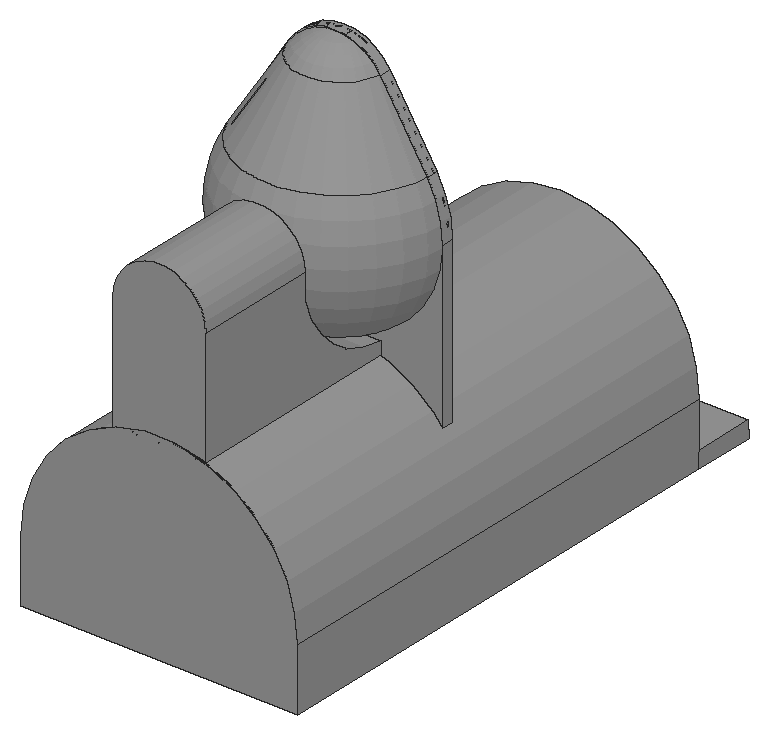
Revit family "Combination-Willoughby-ECW-1806-C-ON", category Plumbing Fixtures, Revit 2015
Parameters (values of type "Standard")
  Waste DIA = 2 3/8"
  Waste Connection = yes
  W-RAD [instance] = Waste DIA / 2  # 0' - 1 3/16"
  Vent Connection = no
  URL = "https://www.willoughby-ind.com/wp-content/uploads/2017/12/1806.pdf"
  Revision = "A"
  Model = "ECF-1806-C-ON"
  Manufacturer = "Willoughby Industries"
  Lav Waste DIA = 1 1/2"
  Lav Waste Connection = yes
  L-RAD [instance] = Lav Waste DIA / 2  # 0' - 0 3/4"
  HW Connection = no
  Flush inlet DIA = 1 1/2"
  Flush Inlet Connection = yes
  Fixture Body = Stainless Steel AISI 304-Willoughby
  F-RAD [instance] = Flush inlet DIA / 2  # 0' - 0 3/4"
  Description = "1806 Combination Unit, Wall toilet waste outlet, Center toilet, On Floor mounted, 1.28 GPM"
  Default Elevation = 0' - 0"
  Contact Number = "(800) 428-4065"
  CW Connection = no
Reference planes (in)
  plane 1 "Center (Front/Back)": y = -16.25
  plane 2: z = 0
  plane 3 "Center (Left/Right)": x = 0
  plane 4 "Base": y = -16.25
  plane 5 "Rim hight": y = -1.5
  plane 6 "Seat height": y = -1.25
  plane 7: y = 20.25
  plane 8 "Waste offset": x = 0
  plane 9 "Waste Hieght": y = -4.75
  plane 10 "Lwaste ht": y = 8
  plane 11 "flush inlet HT": y = 4.25
  plane 12 "Left Sweep": through (12.20051, 0, 16.45051) normal (0.7071, 0, -0.7071)
  plane 13 "Right Sweep": through (-12.20051, 0, 16.45051) normal (0.7071, 0, 0.7071)
  plane 14: through (-55.90549, 0, 60.15549) normal (-0.7071, 0, -0.7071)
  plane 15: x = 6.375
  plane 16: x = 9
  plane 17: z = 4.25
Forms (in)
  Extrusion 1, solid, material "Stainless Steel AISI 304-Willoughby" <- "Fixture Body"
    sketch origin (0, 10.5, -0.375) x (1, 0, 0) y (0, 0, 1)
      loop
        line (6.0079, 24.25317) -> (2.96593, 29.1083)
        arc (2.96593, 29.1083) -> (0, 30.75) -> (-2.96593, 29.1083) r 3.5
        line (-2.96593, 29.1083) -> (-6.0079, 24.25317)
        arc (-6.0079, 24.25317) -> (-6.74742, 22.52422) -> (-7, 20.6608) r 7
        line (-7, 20.6608) -> (-7, 10.11119)
        arc (-7, 10.11119) -> (0.01742, 13.41876) -> (7, 10.03826) r 8.99862
        line (7, 10.03826) -> (7, 20.6608)
        arc (7, 20.6608) -> (6.74742, 22.52422) -> (6.0079, 24.25317) r 7
      loop
        line (4.24214, 22.50332) -> (1.839, 28.03617)
        arc (1.839, 28.03617) -> (0, 29.25) -> (-1.839, 28.03617) r 2
        line (-1.839, 28.03617) -> (-4.24214, 22.50332)
        arc (-4.24214, 22.50332) -> (0, 16.0358) -> (4.24214, 22.50332) r 4.625
    from 11.75 to 12.5
  Revolve 2, solid, material "Stainless Steel AISI 304-Willoughby" <- "Fixture Body"
    sketch origin (0, -1.5, -0.375) x (1, 0, 0) y (0, 0, 1)
      loop
        arc (0, 13.6608) -> (6.08879, 17.20729) -> (6.0079, 24.25317) r 7
        line (6.0079, 24.25317) -> (2.96593, 29.1083)
        arc (2.96593, 29.1083) -> (1.69499, 30.31219) -> (0, 30.75) r 3.5
        line (0, 30.75) -> (0, 30.5)
        arc (0, 30.5) -> (1.57353, 30.09368) -> (2.75361, 28.97631) r 3.25
        line (2.75361, 28.97631) -> (5.71903, 24.24621)
        arc (5.71903, 24.24621) -> (5.9061, 17.39269) -> (0, 13.9108) r 6.75
        line (0, 13.9108) -> (0, 13.6608)
      axis (0, 13.6608) -> (0, 30.75)
    angle from 0 to -180
  Extrusion 3, solid, material "Stainless Steel AISI 304-Willoughby" <- "Fixture Body"
    sketch origin (0, -16.25, 0) x (1, 0, 0) y (0, 0, 1)
      loop
        line (9, 0) -> (9, 1.0625) -> (-9, 1.0625) -> (-9, 0) -> (9, 0)
    from -36.5 to -32.5
  Extrusion 4, solid, material "Stainless Steel AISI 304-Willoughby" <- "Fixture Body", detail levels fine
    sketch origin (0, 0, 0) x (1, 0, 0) y (0, 1, 0)
      loop
        circle (6.375, 4.25) r 0.75
    from 0 to 1
  Extrusion 5, solid, material "Stainless Steel AISI 304-Willoughby" <- "Fixture Body"
    sketch origin (-77.55739, -16.25, -24.30859) x (1, 0, 0) y (0, 0, 1)
      loop
        line (86.55739, 24.30859) -> (86.55739, 28.33218)
        arc (86.55739, 28.33218) -> (77.55739, 37.33218) -> (68.55739, 28.33218) r 9
        line (68.55739, 28.33218) -> (68.55739, 24.30859) -> (86.55739, 24.30859)
    from -32.5 to 0
  Revolve 6, void
    sketch origin (-0.04219, 16.25, -0.04963) x (1, 0, 0) y (0, 0, 1)
      loop
        spline (6.44903, 7.42683) -> (6.2318, 8.59152) -> (5.59494, 9.67683) -> (4.58183, 10.60881) -> (3.26153, 11.32395) -> (1.724, 11.7735) -> (0.07403, 11.92683) -> (-1.57595, 11.7735) -> (-3.11347, 11.32395) -> (-4.43378, 10.60881) -> (-5.44689, 9.67683) -> (-6.08375, 8.59152) -> (-6.30097, 7.42683)
        line (-6.30097, 7.42683) -> (6.44903, 7.42683)
      axis (6.44903, 7.42683) -> (-6.30097, 7.42683)
    angle from 0 to -180
  Extrusion 7, solid, material "Stainless Steel AISI 304-Willoughby" <- "Fixture Body"
    sketch origin (-22.09287, -16.25, -29.80277) x (1, 0, 0) y (0, 0, 1)
      loop
        line (25.09287, 42.31164) -> (25.09287, 49.81164)
        arc (25.09287, 49.81164) -> (22.09287, 52.81164) -> (19.09287, 49.81164) r 3
        line (19.09287, 49.81164) -> (19.09287, 42.31164) -> (25.09287, 42.31164)
    from 0 to -8.02482
  Extrusion 8, solid, material "Stainless Steel AISI 304-Willoughby" <- "Fixture Body"
    sketch origin (0, 0, -0.375) x (0, 1, 0) y (0, 0, 1)
      loop
        line (-8.22518, 12.88387) -> (-2, 12.88387) -> (-2, 13.71556)
        arc (-2, 13.71556) -> (-5.92416, 15.25184) -> (-8.22518, 18.78235) r 6.90673
        line (-8.22518, 18.78235) -> (-8.22518, 12.88387)
    from -3 to 3
  Revolve 9, solid
    sketch origin (0, 0, 0) x (0, 1, 0) y (0, 0, 1)
      loop
        line (8, 0) -> (8, -3) -> (8.75, -3) -> (8.75, 0) -> (8, 0)
      axis (8, 0) -> (8, -3)
    angle from 0 to -360
  Extrusion 10, solid
    sketch origin (0, 0, 0) x (1, 0, 0) y (0, 1, 0)
      loop
        circle (0, -4.75) r 1.1875
    from -3 to 1
Cuts and joins
  Revolve 6 cuts Extrusion 5
  joined: Extrusion 7, Extrusion 8
Lines and regions (in)
  model lines, detail levels coarse+medium
    curve 1: line (-9, -16.25, 4.02359) -> (-9, -16.25, 0)
    curve 2: line (-9, -16.25, 0) -> (9, -16.25, 0)
    curve 3: line (9, -16.25, 0) -> (9, -16.25, 4.02359)
  symbolic lines
    curve 4: line (-9, -16.25, 0) -> (9, -16.25, 0)
    curve 5: line (9, -16.25, 0) -> (9, -16.25, 1.0625)
    curve 6: line (9, -16.25, 1.0625) -> (9, -16.25, 4.02359)
    curve 7: arc (9, -16.25, 4.02359) -> (0, -16.25, 13.02359) -> (-9, -16.25, 4.02359) r 9
    curve 8: line (-9, -16.25, 4.02359) -> (-9, -16.25, 1.0625)
    curve 9: line (-9, -16.25, 1.0625) -> (-9, -16.25, 0)
    curve 14: line (-7, -16.25, 9.68045) -> (-7, -16.25, 20.2858)
    curve 15: line (7, -16.25, 9.68045) -> (7, -16.25, 20.2858)
    curve 16: arc (7, -16.25, 20.2858) -> (6.74742, -16.25, 22.14922) -> (6.0079, -16.25, 23.87817) r 7
    curve 17: line (6.0079, -16.25, 23.87817) -> (2.96593, -16.25, 28.7333)
    curve 18: arc (2.96593, -16.25, 28.7333) -> (1.69499, -16.25, 29.93719) -> (0, -16.25, 30.375) r 3.5
    curve 19: arc (0, -16.25, 30.375) -> (-1.69499, -16.25, 29.93719) -> (-2.96593, -16.25, 28.7333) r 3.5
    curve 20: line (-2.96593, -16.25, 28.7333) -> (-5.93085, -16.25, 24.004)
    curve 21: arc (-5.93085, -16.25, 24.004) -> (-6.7274, -16.25, 22.22023) -> (-7, -16.25, 20.2858) r 7
    curve 26: line (0, -16.25, 0) -> (0, 20.25, 0)
    curve 27: line (0, 20.25, 0) -> (0, 20.25, 1.0625)
    curve 28: line (0, 20.25, 1.0625) -> (0, 16.25, 1.0625)
    curve 29: line (0, 16.25, 1.0625) -> (0, 16.25, 13.02359)
    curve 30: line (0, 16.25, 13.02359) -> (0, -16.25, 13.02359)
    curve 31: line (0, -16.25, 13.02359) -> (0, -16.25, 0)
    curve 32: line (0, -2, 13.32164) -> (0, -2, 9.73619)
    curve 33: line (0, -2, 9.73619) -> (0, -1.25, 9.73619)
    curve 34: line (0, -1.25, 9.73619) -> (0, -1.25, 30.375)
    curve 35: line (0, -1.25, 30.375) -> (0, -2, 30.375)
    curve 36: arc (0, -2, 30.375) -> (0, -3.227, 29.90101) -> (0, -4.22155, 29.04016) r 3.83367
    curve 37: line (0, -4.22155, 29.04016) -> (0, -7.5079, 23.87817)
    curve 38: arc (0, -7.5079, 23.87817) -> (0, -8.00701, 22.85106) -> (0, -8.33921, 21.75848) r 7.27316
    curve 39: line (0, -8.33921, 21.75848) -> (0, -16.25, 21.75848)
    curve 40: line (0, -16.25, 21.75848) -> (0, -16.25, 13.02359)
    curve 41: arc (0, -2, 13.32164) -> (0, -6.49123, 15.35022) -> (0, -8.36184, 19.90951) r 6.66639
    curve 42: arc (0, -8.36184, 19.90951) -> (0, -8.39897, 20.83826) -> (0, -8.36184, 21.76701) r 11.63258
    curve 43: line (-9, -16.25, 0) -> (-9, 20.25, 0)
    curve 44: line (-9, 20.25, 0) -> (9, 20.25, 0)
    curve 45: line (9, 20.25, 0) -> (9, -16.25, 0)
    curve 46: line (9, -16.25, 0) -> (-9, -16.25, 0)
    curve 47: line (-9, 16.25, 0) -> (9, 16.25, 0)
    curve 48: line (-7, -2, 0) -> (-7, -1.25, 0)
    curve 49: line (-7, -1.25, 0) -> (7, -1.25, 0)
    curve 50: line (7, -1.25, 0) -> (7, -2, 0)
    curve 51: arc (7, -2, 0) -> (4.76927, -6.62493, 0) -> (0, -8.52761, 0) r 7.08346
    curve 52: arc (0, -8.52761, 0) -> (-4.76851, -6.62412, 0) -> (-7, -2, 0) r 7.08658
    curve 53: line (1.5, -8.35359, 0) -> (1.5, -16.25, 0)
    curve 54: line (-1.5, -16.25, 0) -> (-1.5, -8.35304, 0)
  symbolic lines, detail levels medium+fine
    curve 10: line (-9, -16.25, 1.0625) -> (9, -16.25, 1.0625)
  symbolic lines, detail levels fine
    curve 11: spline (6.40684, -16.25, 7.3772) -> (6.18962, -16.25, 6.21252) -> (5.55275, -16.25, 5.1272) -> (4.53965, -16.25, 4.19522) -> (3.21934, -16.25, 3.48009) -> (1.68181, -16.25, 3.03054) -> (0.03184, -16.25, 2.8772) -> (-1.61813, -16.25, 3.03054) -> (-3.15566, -16.25, 3.48009) -> (-4.47597, -16.25, 4.19522) -> (-5.48907, -16.25, 5.1272) -> (-6.12594, -16.25, 6.21252) -> (-6.34316, -16.25, 7.3772)
    curve 12: spline (-6.34316, -16.25, 7.3772) -> (-6.12594, -16.25, 8.54189) -> (-5.48907, -16.25, 9.6272) -> (-4.47597, -16.25, 10.55918) -> (-3.15566, -16.25, 11.27432) -> (-1.61813, -16.25, 11.72387) -> (0.03184, -16.25, 11.8772) -> (1.68181, -16.25, 11.72387) -> (3.21934, -16.25, 11.27432) -> (4.53965, -16.25, 10.55918) -> (5.55275, -16.25, 9.6272) -> (6.18962, -16.25, 8.54189) -> (6.40684, -16.25, 7.3772)
    curve 13: arc (4.24215, -16.25, 22.1283) -> (-0.00001, -16.25, 15.6608) -> (-4.24214, -16.25, 22.12832) r 4.625
    curve 22: arc (1.83444, -16.25, 27.67176) -> (1.09692, -16.25, 28.54735) -> (0, -16.25, 28.875) r 2
    curve 23: arc (0, -16.25, 28.875) -> (-1.10174, -16.25, 28.54418) -> (-1.839, -16.25, 27.66117) r 2
    curve 24: line (-1.839, -16.25, 27.66117) -> (-4.24214, -16.25, 22.12832)
    curve 25: line (4.24215, -16.25, 22.1283) -> (1.83444, -16.25, 27.67176)
Dimensions and locks (in)
  locked: Extrusion 1 to Extrusion 1 at 0.75
  locked: plane 6 "Seat height" to plane 5 "Rim hight" at 0.25
  plane 6 "Seat height" to plane 4 "Base" = 1' - 3"  (x2)
  plane 10 "Lwaste ht" to plane 4 "Base" = 2' - 0 1/4"
  plane 11 "flush inlet HT" to plane 4 "Base" = 1' - 8 1/2"
  plane 15 to plane 16 = 0' - 2 5/8"
  locked: cut or joined group of Extrusion 5, Revolve 6 to cut or joined group of Extrusion 5, Revolve 6 at 18
  plane 9 "Waste Hieght" to plane 1 "Center (Front/Back)" = 0' - 11 1/2"
  plane 11 "flush inlet HT" to plane 1 "Center (Front/Back)" = 1' - 8 1/2"
  plane 10 "Lwaste ht" to plane 1 "Center (Front/Back)" = 2' - 0 1/4"
  plane 3 "Center (Left/Right)" to plane 16 = 0' - 9"
  cut or joined group of Extrusion 5, Revolve 6 to plane 4 "Base" = 2' - 8 1/2"
  plane 4 "Base" to plane 7 = 3' - 0 1/2"
  Extrusion 3 to Extrusion 3 = 1' - 6"
  "F-RAD": radius of Extrusion 4 sketch curve
  radius of cut or joined group of Extrusion 5, Revolve 6 = 0' - 9"
  aligned and locked: Revolve 2 to plane 5 "Rim hight"
  aligned and locked: Extrusion 1 to plane 6 "Seat height"
  aligned and locked: Extrusion 3 to plane 7
  aligned and locked: plane 11 "flush inlet HT" to Extrusion 4 sketch curve
  aligned and locked: Revolve 6 sketch curve to Revolve 6 sketch curve
  aligned and locked: plane 15 to Extrusion 4 sketch curve
  aligned and locked: curve 1 to cut or joined group of Extrusion 5, Revolve 6
  aligned and locked: curve 3 to cut or joined group of Extrusion 5, Revolve 6
  aligned and locked: Extrusion 3 to cut or joined group of Extrusion 5, Revolve 6
  aligned and locked: Extrusion 3 to level
  aligned and locked: Extrusion 5 to level
  aligned and locked: Extrusion 5 to Extrusion 3
  aligned and locked: Extrusion 5 to plane 16
  aligned and locked: cut or joined group of Extrusion 5, Revolve 6 to Extrusion 3
  aligned and locked: Extrusion 7 to Extrusion 8
  aligned and locked: Extrusion 8 to Extrusion 7  (x2)
  aligned and locked: Revolve 9 sketch curve to Revolve 9 sketch curve  (x2)
  aligned and locked: cut or joined group of Extrusion 7, Extrusion 8 to Extrusion 5
Automatic sketch dimensions
  Extrusion 1 sketch curve to Extrusion 1 sketch curve = 0' - 0"  (x10)
  Extrusion 1 sketch curve to plane 3 "Center (Left/Right)" = 0' - 0"  (x2)
  Extrusion 1 sketch curve to plane 3 "Center (Left/Right)" = 0' - 0.02945"
  Extrusion 1 sketch curve to plane 3 "Center (Left/Right)" = 0' - 1.839"
  plane 3 "Center (Left/Right)" to Extrusion 1 sketch curve = 0' - 1.839"
  level to Extrusion 1 sketch curve = 0' - 4.04526"
  Extrusion 1 sketch curve to Extrusion 1 sketch curve = 0' - 5.61801"
  Extrusion 1 sketch curve to Extrusion 1 sketch curve = 0' - 10.54961"
  Extrusion 1 sketch curve to Extrusion 1 sketch curve = 0' - 1.74985"
  Extrusion 1 sketch curve to Extrusion 1 sketch curve = 0' - 4.74668"
  Extrusion 1 sketch curve to Extrusion 1 sketch curve = 0' - 0.78617"
  Extrusion 1 sketch curve to Extrusion 1 sketch curve = 0' - 1.07212"
  Revolve 2 sketch curve to Revolve 2 sketch curve = 0' - 0"  (x2)
  Revolve 2 sketch curve to plane 3 "Center (Left/Right)" = 0' - 0"  (x4)
  Revolve 2 sketch curve to Revolve 2 sketch curve = 0' - 0.21232"
  Revolve 2 sketch curve to Revolve 2 sketch curve = 0' - 0.28887"
  level to Revolve 2 sketch curve = 1' - 1.2858"
  Revolve 2 sketch curve to Revolve 2 sketch curve = 0' - 0 1/4"
  Revolve 2 sketch curve to Revolve 2 sketch curve = 0' - 4.3392"
  Revolve 2 sketch curve to Revolve 2 sketch curve = 0' - 2.4108"
  Revolve 2 sketch curve to Revolve 2 sketch curve = 0' - 3.3392"
  Revolve 2 sketch curve to Revolve 2 sketch curve = 0' - 3 1/4"
  Revolve 2 sketch curve to Revolve 2 sketch curve = 0' - 1.72631"
  Revolve 2 sketch curve to Revolve 2 sketch curve = 0' - 0.13199"
  Extrusion 3 sketch curve to level = 0' - 0"
  level to Extrusion 3 sketch curve = 0' - 1 1/16"
  Extrusion 5 sketch curve to level = 0' - 0"
  plane 3 "Center (Left/Right)" to Extrusion 5 sketch curve = 0' - 0"
  level to Extrusion 5 sketch curve = 0' - 4.02359"
  plane 3 "Center (Left/Right)" to Revolve 6 sketch curve = 0' - 0.03184"
  Revolve 6 sketch curve to Revolve 6 sketch curve = 0' - 0 7/8"
  level to Revolve 6 sketch curve = 0' - 7.3772"
  Revolve 6 sketch curve to Revolve 6 sketch curve = 0' - 5 1/8"
  Extrusion 8 sketch curve to plane 9 "Waste Hieght" = 0' - 3.47518"
  plane 5 "Rim hight" to Extrusion 8 sketch curve = 0' - 0 1/2"
  plane 5 "Rim hight" to Extrusion 8 sketch curve = 0' - 0.06425"
  level to Extrusion 8 sketch curve = 1' - 0.50887"
  Extrusion 8 sketch curve to Extrusion 8 sketch curve = 0' - 0.83168"
  Extrusion 8 sketch curve to Extrusion 8 sketch curve = 0' - 5.89847"
  curve 1 to level = 0' - 0"
  level to curve 1 = 0' - 4.02359"
  Extrusion 1 sketch curve to Extrusion 1 sketch curve = 0' - 1.12693"  (x2)
  Extrusion 1 sketch curve to plane 15 = 0' - 2.13286"
  Extrusion 1 sketch curve to plane 15 = 0' - 0.3671"
  plane 15 to Extrusion 1 sketch curve = 0' - 0 5/8"
  plane 3 "Center (Left/Right)" to Revolve 2 sketch curve = 0' - 2.75361"
  Revolve 2 sketch curve to plane 15 = 0' - 0.65597"
  plane 16 to Extrusion 3 sketch curve = 0' - 0"
  Extrusion 1 sketch curve to plane 3 "Center (Left/Right)" = 0' - 4.24214"
  Extrusion 1 sketch curve to Extrusion 1 sketch curve = 0' - 1.76576"
  Extrusion 1 sketch curve to Extrusion 1 sketch curve = 0' - 2.75786"
  Extrusion 3 sketch curve to plane 3 "Center (Left/Right)" = 0' - 9"
  plane 16 to Extrusion 5 sketch curve = 0' - 0"
  Revolve 6 sketch curve to plane 3 "Center (Left/Right)" = 0' - 6.34316"
  level to curve 3 = 0' - 4.02359"
  curve 13 to curve 16 = 0' - 0"  (x2)
  curve 16 to curve 21 = 0' - 0"  (x2)
  curve 18 to curve 23 = 0' - 0"  (x2)
  curve 19 to curve 22 = 0' - 0"
  curve 22 to curve 23 = 0' - 0"
  curve 18 to plane 3 "Center (Left/Right)" = 0' - 0"
  curve 21 to plane 3 "Center (Left/Right)" = 0' - 0"
  curve 7 to plane 3 "Center (Left/Right)" = 0' - 0"
  plane 16 to curve 6 = 0' - 0"
  curve 5 to level = 0' - 0"
  level to curve 6 = 0' - 1 1/16"
  curve 8 to curve 8 = 0' - 2.96109"
  curve 13 to curve 7 = 1' - 4.2622"
  curve 24 to plane 3 "Center (Left/Right)" = 0' - 4.24214"
  curve 24 to curve 21 = 0' - 1.84253"
  curve 17 to plane 15 = 0' - 0.3671"
  curve 17 to curve 15 = 0' - 3.59237"
  curve 20 to plane 3 "Center (Left/Right)" = 0' - 5.93085"
  curve 20 to curve 24 = 0' - 1.87568"
  curve 18 to curve 24 = 0' - 4.74668"
  curve 24 to curve 23 = 0' - 0.78617"
  plane 3 "Center (Left/Right)" to curve 17 = 0' - 2.96593"
  curve 22 to curve 17 = 0' - 0.1417"
  curve 20 to plane 3 "Center (Left/Right)" = 0' - 2.96593"
  plane 15 to curve 12 = 0' - 0.03184"
  curve 15 to curve 12 = 0' - 2.30324"
  curve 13 to plane 15 = 0' - 2.13285"
  curve 18 to curve 22 = 0' - 1.06154"
  plane 3 "Center (Left/Right)" to curve 25 = 0' - 1.83444"
  plane 3 "Center (Left/Right)" to curve 12 = 0' - 0.03184"
  curve 26 to level = 0' - 0"
  curve 26 to plane 1 "Center (Front/Back)" = 0' - 0"
  curve 34 to plane 6 "Seat height" = 0' - 0"
  curve 28 to plane 7 = 0' - 0"
  curve 39 to plane 9 "Waste Hieght" = 0' - 3.58921"
  curve 39 to curve 37 = 0' - 0.83131"
  plane 9 "Waste Hieght" to curve 37 = 0' - 0.52845"
  plane 5 "Rim hight" to curve 33 = 0' - 0 1/2"
  plane 5 "Rim hight" to curve 35 = 0' - 0 1/2"
  plane 5 "Rim hight" to curve 41 = 0' - 0.19582"
  plane 6 "Seat height" to curve 36 = 0' - 0.00251"
  curve 38 to plane 6 "Seat height" = 0' - 0.01404"
  curve 42 to plane 11 "flush inlet HT" = 0' - 1.0164"
  level to curve 28 = 0' - 1 1/16"
  curve 28 to curve 27 = 0' - 4"
  level to curve 33 = 0' - 9.73619"
  curve 26 to curve 40 = 1' - 1.02359"
  curve 41 to curve 38 = 0' - 0.21447"
  curve 38 to curve 42 = 0' - 0.6427"
  curve 41 to curve 39 = 0' - 1.77739"
  curve 38 to curve 36 = 0' - 6.41935"
  curve 36 to curve 37 = 0' - 2.42525"
  curve 42 to curve 38 = 0' - 0.02263"
  curve 42 to curve 39 = 0' - 0.02263"
  plane 7 to curve 43 = 0' - 0"
  plane 6 "Seat height" to curve 49 = 0' - 0"
  plane 1 "Center (Front/Back)" to curve 54 = 0' - 0"
  curve 51 to plane 3 "Center (Left/Right)" = 0' - 0"
  curve 45 to plane 16 = 0' - 0"
  curve 51 to plane 3 "Center (Left/Right)" = 0' - 0.06164"
  plane 5 "Rim hight" to curve 48 = 0' - 0 1/2"
  curve 46 to plane 3 "Center (Left/Right)" = 0' - 9"
  plane 3 "Center (Left/Right)" to curve 52 = 0' - 0.06452"
  plane 15 to curve 49 = 0' - 0 5/8"
  plane 5 "Rim hight" to curve 50 = 0' - 0 1/2"
  curve 51 to plane 5 "Rim hight" = 0' - 0.05558"
  curve 54 to plane 3 "Center (Left/Right)" = 0' - 1 1/2"
  plane 3 "Center (Left/Right)" to curve 53 = 0' - 1 1/2"
  curve 52 to curve 54 = 0' - 0.17457"
  curve 47 to curve 44 = 0' - 4"
  curve 32 to curve 32 = 0' - 3.58545"
  curve 32 to curve 41 = 0' - 6.65945"
  Extrusion 7 sketch curve to plane 3 "Center (Left/Right)" = 0' - 0"
  plane 3 "Center (Left/Right)" to Extrusion 7 sketch curve = 0' - 3"
  Extrusion 7 sketch curve to plane 17 = 0' - 8.25887"
  Extrusion 7 sketch curve to Extrusion 7 sketch curve = 0' - 7 1/2"
  Revolve 9 sketch curve to level = 0' - 0"
  Revolve 9 sketch curve to plane 10 "Lwaste ht" = 0' - 0"
  Revolve 9 sketch curve to Revolve 9 sketch curve = 0' - 0 3/4"
  Revolve 9 sketch curve to level = 0' - 3"
  Revolve 9 sketch curve to level = 0' - 1 1/2"
  Extrusion 10 sketch curve to plane 3 "Center (Left/Right)" = 0' - 0"
  Extrusion 10 sketch curve to plane 9 "Waste Hieght" = 0' - 0"
  radius of Extrusion 10 sketch curve = 0' - 1 3/16"
Connectors (in)
  piping at (6.375, 4.25, 1), diameter 1.5, driven by "F-RAD", driven by "Flush Inlet Connection"
    settings: on Extrusion 4, index 3, connector inside diameter 1 1/2", connector length 0' - 0", flow factor 0, pipe flow 0 GPM, pressure drop 0.00 psi, fitting loss kfactor 0, connector angle 0.00°, fixture units 0, engagement length 0' - 0", angle of deflection 0.00°, flow configuration 3, flow direction 1, fitting loss method 0, system type 20, joint type 0, gender type 0, connector reference index -1, connector utility 1, adjustable connector yes, is connector primary yes, connector description "Flush Inlet"
  piping at (0, 8, 0), diameter 1.5, driven by "L-RAD"
    settings: on Revolve 9, index 5, connector inside diameter 24", connector length 0' - 0", flow factor 0, pipe flow 0 GPM, pressure drop 0.00 psi, fitting loss kfactor 0, connector angle 0.00°, fixture units 0, engagement length 0' - 0", angle of deflection 0.00°, flow configuration 0, flow direction 0, fitting loss method 0, system type 7, joint type 0, gender type 0, connector reference index -1, connector utility 0, adjustable connector no, is connector primary no, connector description ""
  piping at (0, -4.75, 1), diameter 2.375, driven by "W-RAD"
    settings: on Extrusion 10, index 6, connector inside diameter 24", connector length 0' - 0", flow factor 0, pipe flow 0 GPM, pressure drop 0.00 psi, fitting loss kfactor 0, connector angle 0.00°, fixture units 0, engagement length 0' - 0", angle of deflection 0.00°, flow configuration 0, flow direction 0, fitting loss method 0, system type 7, joint type 0, gender type 0, connector reference index -1, connector utility 0, adjustable connector no, is connector primary no, connector description ""
